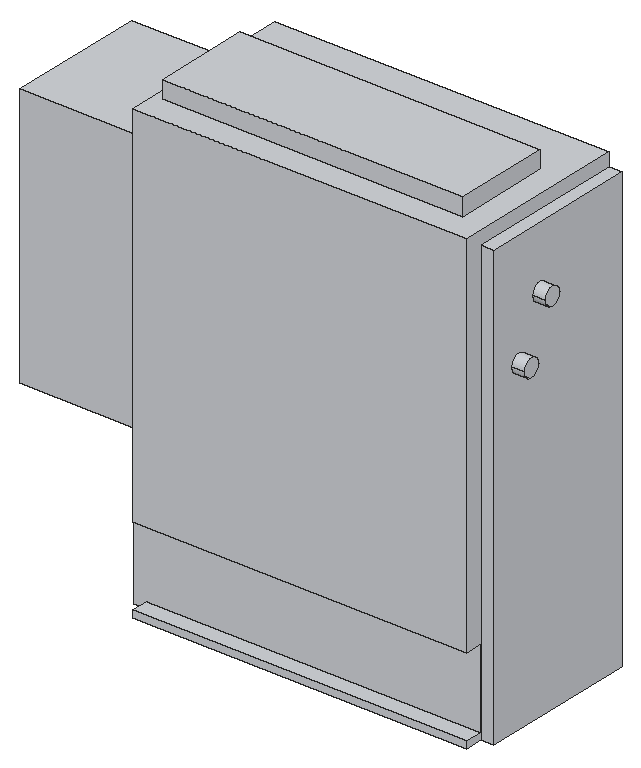
Revit family "c0ca41f72bf24f8183a25a5cbd442c62", category Mechanical Equipment, Revit 2021
Family settings
  Round Connector Dimension = Use Radius
  Part Type = Normal
  OmniClass Number = 23.75.70.17.34
  OmniClass Title = Unit Heaters
  Seek Item ID = Unit Heater - Cabinet - Vertical Concealed-0000-USA-ENU
  Work Plane-Based = No
  Always vertical = Yes
  Cut with Voids When Loaded = No
  Shared = No
  Room Calculation Point = No
Parameters (values of type "20 MBH")
  Water Pressure Drop [instance] = 50.00 psi
  Water Flow [instance] = 2 GPM
  Outlet Width = Inlet Grille Length  # 19"
  Outlet Height = Inlet Grille Width  # 4 1/2"
  Inlet Width = Discharge Grille Length  # 17.1"
  Inlet Height = Discharge Grille Width  # 5 1/2"
  Inlet Grille Width = 0' - 4 1/2"
  Inlet Grille Length = Heater Length  # 1' - 7"
  Inlet Radius = 1/2"
  Inlet Diameter = Inlet Radius * 2  # 1"
  Outlet Radius = 1/2"
  Outlet Diameter = Outlet Radius * 2  # 1"
  Heating Load [instance] = 20000.0 Btu/h
  Heater Material = none
  Heater Length = 1' - 7"
  Entering Water Temperature [instance] = 200 °F
  Discharge Grille Width = 0' - 5 1/2"
  Discharge Grille Length = Heater Length * 0.9  # 1' - 5.1"
  Default Elevation = 0' - 0"
  Air Flow [instance] = 335 CFM
Types (6): name | Water Flow | Outlet Width | Inlet Width | Inlet Grille Length | Heating Load | Heater Length | Discharge Grille Length | Air Flow
  (no name) | 2 GPM | 19" | 17.1" | 1' - 7" | 20000.0 Btu/h | 1' - 7" | 1' - 5.1" | 335 CFM
  20 MBH | 2 GPM | 19" | 17.1" | 1' - 7" | 20000.0 Btu/h | 1' - 7" | 1' - 5.1" | 335 CFM
  30 MBH | 3 GPM | 24" | 21.6" | 2' - 0" | 30000.0 Btu/h | 2' - 0" | 1' - 9.6" | 430 CFM
  40 MBH | 5 GPM | 34" | 30.6" | 2' - 10" | 40000.0 Btu/h | 2' - 10" | 2' - 6.6" | 630 CFM
  50 MBH | 5 GPM | 42" | 37.8" | 3' - 6" | 50000.0 Btu/h | 3' - 6" | 3' - 1.8" | 860 CFM
  80 MBH | 8 GPM | 61" | 54.9" | 5' - 1" | 80000.0 Btu/h | 5' - 1" | 4' - 6.9" | 1410 CFM
Reference planes (in)
  plane 1 "Center (Front/Back)": y = 0
  plane 2: z = 0
  plane 3 "Center (Left/Right)": x = 0
  plane 4: x = -0.75
  plane 5: x = -19.75
  plane 6: x = -20.5
  plane 7: x = -27
  plane 8: x = -19.25
  plane 9: x = -2.15
  plane 10: x = 0.75
  plane 11: y = -3.125
  plane 12: y = -8.625
  plane 13: y = -9.125
  plane 14: y = -10.125
  plane 15: z = 0.375
  plane 16: z = 4.875
  plane 17: z = 25.25
  plane 18: z = 26
  plane 19: z = 27
  plane 20: y = -1.125
  plane 21: z = 24
  plane 22: z = 9
  plane 23: z = 21.75
  plane 24: z = 18.75
  plane 25: y = -7.375
  plane 26: y = -5.875
  plane 27: x = -10.25
  plane 28: z = 2.625
Forms (in)
  Extrusion 1, solid, material <- "Heater Material"
    sketch origin (0, 0, 0) x (1, 0, 0) y (0, 1, 0)
      loop
        line (-19.75, 0) -> (-19.75, -10.125) -> (-0.75, -10.125) -> (-0.75, 0) -> (-19.75, 0)
    from 0 to 26
  Extrusion 2, solid, material <- "Heater Material"
    sketch origin (0, 0, 0) x (1, 0, 0) y (0, 1, 0)
      loop
        line (-19.25, -3.125) -> (-19.25, -8.625) -> (-2.15, -8.625) -> (-2.15, -3.125) -> (-19.25, -3.125)
    from 26 to 27
  Extrusion 3, solid, material <- "Heater Material"
    sketch origin (0, 0, 0) x (1, 0, 0) y (0, 1, 0)
      loop
        line (-27, -1.125) -> (-27, -9.125) -> (-20.5, -9.125) -> (-20.5, -1.125) -> (-27, -1.125)
    from 9 to 24
  Extrusion 4, solid, material <- "Heater Material"
    sketch origin (0, 0, 0) x (1, 0, 0) y (0, 1, 0)
      loop
        line (-20.5, 0) -> (-20.5, -9.125) -> (-19.75, -9.125) -> (-19.75, 0) -> (-20.5, 0)
    from 0 to 25.25
  Extrusion 5, void
    sketch origin (0, 0, 0) x (1, 0, 0) y (0, 0, 1)
      loop
        line (-19.75, 4.875) -> (-19.75, 0.375) -> (0, 0.375) -> (0, 4.875) -> (-19.75, 4.875)
    from 9.125 to 10.125
  Extrusion 6, solid, material <- "Heater Material"
    sketch origin (19.75, 0, 0) x (1, 0, 0) y (0, 1, 0)
      loop
        line (-20.5, 0) -> (-20.5, -9.125) -> (-19.75, -9.125) -> (-19.75, 0) -> (-20.5, 0)
    from 0 to 25.25
  Extrusion 7, solid, material <- "Heater Material"
    sketch origin (0, 0, 0) x (0, 1, 0) y (0, 0, 1)
      loop
        circle (-7.375, 18.75) r 0.5
    from 0 to 0.75
  Extrusion 8, solid, material <- "Heater Material"
    sketch origin (0, 0, 0) x (0, 1, 0) y (0, 0, 1)
      loop
        circle (-5.875, 21.75) r 0.5
    from 0 to 0.75
  Extrusion 9, solid
    sketch origin (0, -9.125, 0) x (1, 0, 0) y (0, 0, 1)
      loop
        line (-19.75, 4.875) -> (-19.75, 0.375) -> (-0.75, 0.375) -> (-0.75, 4.875) -> (-19.75, 4.875)
    from 0 to -9.125
Cuts and joins
  Extrusion 5 cuts Extrusion 1
  Extrusion 5 cuts Extrusion 4
  joined: Extrusion 1, Extrusion 2, Extrusion 3, Extrusion 4, Extrusion 6, Extrusion 7, Extrusion 8
Dimensions and locks (in)
  locked: plane 4 to plane 3 "Center (Left/Right)" at 0.75
  "Heater Length": plane 5 to plane 4
  locked: plane 6 to plane 5 at 0.75
  locked: plane 7 to plane 6 at 6.5
  locked: plane 5 to plane 8 at 0.5
  "Discharge Grille Length": plane 8 to plane 9
  locked: plane 3 "Center (Left/Right)" to plane 10 at 0.75
  locked: plane 11 to plane 1 "Center (Front/Back)" at 3.125
  "Discharge Grille Width": plane 12 to plane 11
  locked: plane 13 to plane 1 "Center (Front/Back)" at 9.125
  locked: plane 14 to plane 1 "Center (Front/Back)" at 10.125
  locked: plane 18 to plane 17 at 0.75
  locked: plane 19 to plane 18 at 1
  locked: plane 17 to plane 2 at 25.25
  locked: plane 13 to plane 20 at 8
  locked: plane 17 to plane 21 at 1.25
  locked: plane 21 to plane 22 at 15
  locked: plane 17 to plane 23 at 3.5
  locked: plane 23 to plane 24 at 3
  locked: plane 13 to plane 25 at 1.75
  locked: plane 25 to plane 26 at 1.5
  equal spacing: plane 4, plane 27, plane 5
  equal spacing: plane 16, plane 28, plane 15
  locked: plane 15 to plane 2 at 0.375
  "Inlet Grille Width": plane 16 to plane 15
  "Inlet Radius": radius of Extrusion 7 sketch curve
  "Outlet Radius": radius of Extrusion 8 sketch curve
  aligned and locked: Extrusion 1 to plane 1 "Center (Front/Back)"
  aligned and locked: plane 14 to Extrusion 1
  aligned and locked: Extrusion 1 to plane 5
  aligned and locked: Extrusion 1 to plane 2
  aligned and locked: plane 18 to Extrusion 1
  aligned and locked: Extrusion 2 to plane 11
  aligned and locked: plane 9 to Extrusion 2
  aligned and locked: plane 12 to Extrusion 2
  aligned and locked: Extrusion 2 to plane 8
  aligned and locked: plane 18 to Extrusion 2
  aligned and locked: plane 19 to Extrusion 2
  aligned and locked: Extrusion 3 to plane 20
  aligned and locked: Extrusion 3 to plane 7
  aligned and locked: plane 13 to Extrusion 3
  aligned and locked: plane 6 to Extrusion 3
  aligned and locked: Extrusion 4 to plane 1 "Center (Front/Back)"
  aligned and locked: Extrusion 4 to plane 6
  aligned and locked: plane 5 to Extrusion 4
  aligned and locked: plane 13 to Extrusion 4
  aligned and locked: Extrusion 4 to plane 2
  aligned and locked: plane 17 to Extrusion 4
  aligned and locked: plane 21 to Extrusion 3
  aligned and locked: Extrusion 3 to plane 22
  aligned and locked: plane 16 to cut or joined group 1 (Extrusion 1, Extrusion 2, Extrusion 3, Extrusion 4, Extrusion 5, Extrusion 6, Extrusion 7, Extrusion 8)
  aligned and locked: cut or joined group 1 to plane 15
  aligned and locked: Extrusion 5 to plane 13
  aligned and locked: plane 14 to Extrusion 5
  aligned and locked: plane 4 to cut or joined group 1
  aligned and locked: Extrusion 6 to plane 1 "Center (Front/Back)"
  aligned and locked: plane 3 "Center (Left/Right)" to Extrusion 6
  aligned and locked: Extrusion 6 to plane 4
  aligned and locked: plane 13 to Extrusion 6
  aligned and locked: plane 25 to Extrusion 7 sketch curve
  aligned and locked: plane 24 to Extrusion 7 sketch curve
  aligned and locked: plane 23 to Extrusion 8 sketch curve
  aligned and locked: plane 26 to Extrusion 8 sketch curve
  aligned and locked: plane 10 to Extrusion 8
  aligned and locked: plane 10 to Extrusion 7
  aligned and locked: Extrusion 7 to plane 3 "Center (Left/Right)"
  aligned and locked: Extrusion 8 to plane 3 "Center (Left/Right)"
  aligned and locked: Extrusion 9 sketch curve to cut or joined group 1  (x4)
  aligned and locked: Extrusion 9 to plane 1 "Center (Front/Back)"
  aligned and locked: plane 13 to Extrusion 9
Automatic sketch dimensions
  Extrusion 1 sketch curve to plane 5 = 0' - 0"
  Extrusion 1 sketch curve to plane 4 = 0' - 0"
  Extrusion 1 sketch curve to plane 14 = 0' - 0"
  Extrusion 1 sketch curve to plane 1 "Center (Front/Back)" = 0' - 0"
  Extrusion 2 sketch curve to plane 8 = 0' - 0"
  Extrusion 2 sketch curve to plane 9 = 0' - 0"
  Extrusion 2 sketch curve to plane 12 = 0' - 0"
  Extrusion 2 sketch curve to plane 11 = 0' - 0"
  Extrusion 3 sketch curve to plane 7 = 0' - 0"
  Extrusion 3 sketch curve to plane 6 = 0' - 0"
  Extrusion 3 sketch curve to plane 13 = 0' - 0"
  Extrusion 3 sketch curve to plane 20 = 0' - 0"
  Extrusion 4 sketch curve to plane 6 = 0' - 0"
  Extrusion 4 sketch curve to plane 5 = 0' - 0"
  Extrusion 4 sketch curve to plane 13 = 0' - 0"
  Extrusion 4 sketch curve to plane 1 "Center (Front/Back)" = 0' - 0"
  Extrusion 5 sketch curve to plane 5 = 0' - 0"
  Extrusion 5 sketch curve to plane 3 "Center (Left/Right)" = 0' - 0"
  Extrusion 5 sketch curve to plane 15 = 0' - 0"
  Extrusion 5 sketch curve to plane 16 = 0' - 0"
  Extrusion 6 sketch curve to plane 4 = 0' - 0"
  Extrusion 6 sketch curve to plane 3 "Center (Left/Right)" = 0' - 0"
  Extrusion 6 sketch curve to plane 13 = 0' - 0"
  Extrusion 6 sketch curve to plane 1 "Center (Front/Back)" = 0' - 0"
Connectors (in)
  piping at (0.75, -5.875, 21.75), diameter 1, driven by "Water Flow", driven by "Outlet Radius", driven by "Water Pressure Drop"
    settings: on cut or joined group 1, index 1, connector inside diameter 1", connector length 0' - 0", flow factor 0, pipe flow 2 GPM, pressure drop 50.00 psi, fitting loss kfactor 0, connector angle 0.00°, fixture units 0, engagement length 0' - 0", angle of deflection 0.00°, flow configuration 1, flow direction 2, fitting loss method 4, system type 8, joint type 0, gender type 0, connector reference index 2, connector utility 0, adjustable connector no, is connector primary yes, connector description "Water Out"
  piping at (0.75, -7.375, 18.75), diameter 1, driven by "Inlet Radius", driven by "Water Flow"
    settings: on cut or joined group 1, index 2, connector inside diameter 1", connector length 0' - 0", flow factor 0, pipe flow 2 GPM, pressure drop 0.00 psi, fitting loss kfactor 0, connector angle 0.00°, fixture units 0, engagement length 0' - 0", angle of deflection 0.00°, flow configuration 1, flow direction 1, fitting loss method 0, system type 7, joint type 0, gender type 0, connector reference index 1, connector utility 0, adjustable connector no, is connector primary no, connector description "Water In"
  hvac at (-10.7, -5.875, 27), driven by "Air Flow", driven by "Inlet Height", driven by "Inlet Width"
    settings: on cut or joined group 1, index 3, duct flow 335 CFM, flow factor 0, pres drop 0.00 in-wg, loss coef 0, conn angle 0.00°, conn width 17.1", conn height 5 1/2", conn diameter 24", duct sys type 2, conn prof type 1, flow config 0, flow direction 1, loss method 0, conn ref index 4, conn util no, is conn primary yes, conn desc ""
  hvac at (-10.25, -9.125, 2.625), driven by "Air Flow", driven by "Outlet Height", driven by "Outlet Width"
    settings: on Extrusion 9, index 4, duct flow 335 CFM, flow factor 0, pres drop 0.00 in-wg, loss coef 0, conn angle 0.00°, conn width 19", conn height 4 1/2", conn diameter 24", duct sys type 1, conn prof type 1, flow config 0, flow direction 2, loss method 0, conn ref index 3, conn util no, is conn primary no, conn desc ""
